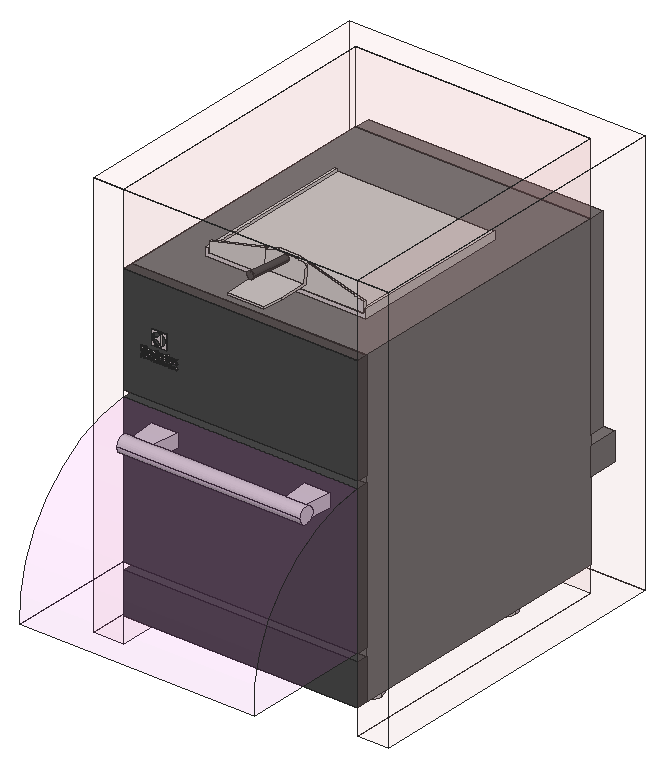
Revit family "QF_ELECTROLUXPROFESSIONAL_603955_EPRPROSITEU", category Attrezzature speciali, Revit 2021 (continued)
Definition of nested family "ELX_Logo_Professional"
  Lines and regions (mm)
    symbolic lines
      curve 244: arc (12.573, -22.405, 0) -> (13.862, -21.117, 0) -> (15.15, -22.405, 0) r 1.288
      curve 245: arc (15.926, -22.405, 0) -> (13.862, -20.34, 0) -> (11.797, -22.405, 0) r 2.065
      curve 246: line (19.217, -20.436, 0) -> (19.217, -24.327, 0)
      curve 247: line (19.217, -24.327, 0) -> (20.048, -24.327, 0)
      curve 248: line (20.048, -24.327, 0) -> (20.048, -21.88, 0)
      curve 249: line (20.048, -21.88, 0) -> (21.828, -24.327, 0)
      curve 250: line (21.828, -24.327, 0) -> (22.628, -24.327, 0)
      curve 251: line (22.628, -24.327, 0) -> (22.628, -20.436, 0)
      curve 252: line (22.628, -20.436, 0) -> (21.797, -20.436, 0)
      curve 253: line (21.797, -20.436, 0) -> (21.797, -22.956, 0)
      curve 254: line (21.797, -22.956, 0) -> (20.017, -20.436, 0)
      curve 255: line (20.017, -20.436, 0) -> (19.217, -20.436, 0)
      curve 256: line (27.374, -20.437, 0) -> (25.781, -24.327, 0)
      curve 257: line (25.781, -24.327, 0) -> (26.64, -24.327, 0)
      curve 258: line (26.64, -24.327, 0) -> (27.018, -23.487, 0)
      curve 259: line (27.018, -23.487, 0) -> (28.458, -23.487, 0)
      curve 260: line (28.458, -23.487, 0) -> (28.836, -24.327, 0)
      curve 261: line (28.836, -24.327, 0) -> (29.695, -24.327, 0)
      curve 262: line (29.695, -24.327, 0) -> (28.174, -20.437, 0)
      curve 263: line (28.174, -20.437, 0) -> (27.374, -20.437, 0)
      curve 264: line (27.322, -22.72, 0) -> (27.739, -21.702, 0)
      curve 265: line (27.739, -21.702, 0) -> (28.137, -22.72, 0)
      curve 266: line (28.137, -22.72, 0) -> (27.322, -22.72, 0)
      curve 267: line (32.87, -20.436, 0) -> (32.87, -24.327, 0)
      curve 268: line (32.87, -24.327, 0) -> (35.166, -24.327, 0)
      curve 269: line (35.166, -24.327, 0) -> (35.166, -23.527, 0)
      curve 270: line (35.166, -23.527, 0) -> (33.67, -23.527, 0)
      curve 271: line (33.67, -23.527, 0) -> (33.67, -20.436, 0)
      curve 272: line (33.67, -20.436, 0) -> (32.87, -20.436, 0)
  Dimensions and locks
    aligned and locked: plane 2 to Extrusion 1
    aligned and locked: level to Extrusion 1
